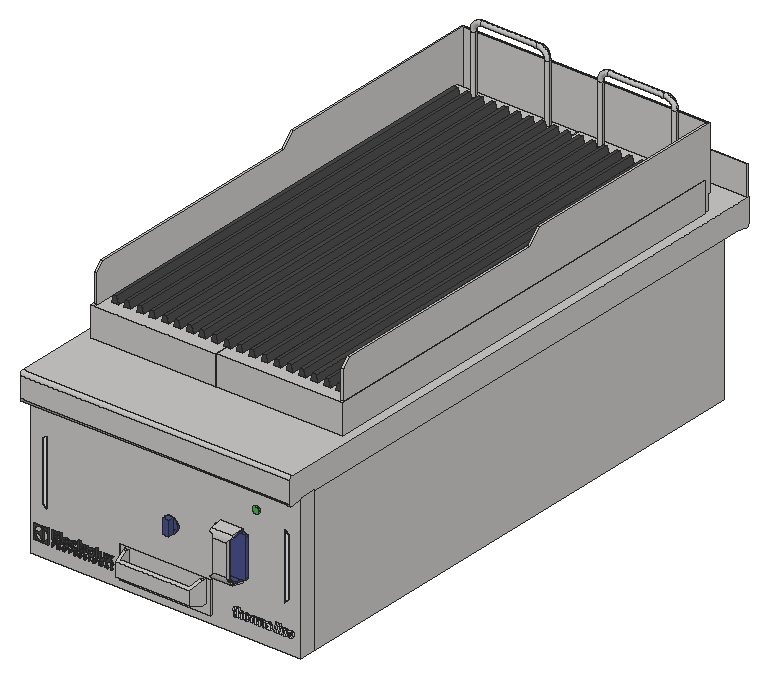
Revit family "QF_ELECTROLUXPROFESSIONAL_588618_MBDABBDOPO", category Attrezzature speciali, Revit 2020
Family settings
  Quota connettore circolare = Usa diametro
  Tipo di parte = Normale
  Basato su piano di lavoro = No
  Sempre verticale = Sì
  Taglio con vuoti quando caricato = No
  Condiviso = No
  Punto di calcolo locali = No
Parameters (values of type "Standard")
  Weight = 60.00 kg
  Watts = 0 W
  Volts = 0 V
  URL Manufacturer = "https://www.electroluxprofessional.com/"
  URL = "https://www.electroluxprofessional.com/"
  Steam Supply Size = 0"
  Steam Supply Minimum Pressure = 0.00 psi
  Steam Supply Maximum Pressure = 0.00 psi
  Steam Consumption per Hour = 0
  Refrigeration Suction Line Size = 0 mm
  Refrigeration Liquid Line Size = 0 mm
  Refrigerant Compressor Remote = yes
  Prospetto di default = 0 mm
  Phase = 0
  Modello = "MBDABBDOPO"
  Produttore = "Electrolux Professional"
  Length Actual = 400 mm  # constant formula
  Item Number = "588618"
  Hot Water Size = 0"
  Height Actual = 250 mm  # constant formula
  HP = "0 HP"
  Gas Size = 1/2"
  Gas KW = 10.5
  Gas Input Pressure = 0.351868 Btu/h
  Direct Waste Size = 0"
  Descrizione = "GAS CHARGRILL,1SIDE,BACKSPL,400X850X250H"
  Depth Actual = 850 mm  # constant formula
  Cycle = 0 Hz
  Condensate Return Size = 0"
  Compressed Air Volume = 0 GPM
  Compressed Air Size = 0"
  Compressed Air Pressure = 0.00 psi
  Cold Water Size = 0"
  Accessory = yes
Reference planes
  plane 1 "BACK": y = 0
  plane 2: z = 0
  plane 3 "LEFT": x = 0
  plane 4 "RIGHT": x = 400
  plane 5 "FRONT": y = -850
  plane 6 "TOP": z = 900
  plane 7 "Center (Left/Right)": x = 200
  plane 8: y = -425
  plane 9: y = -150
  plane 10: y = -65
  plane 11: y = -790
  plane 12 "GASy": y = -540
  plane 13 "Base_Rib": z = 944
  plane 14 "BaseTop": z = 650
  plane 15: y = -805
  plane 16 "Camino": y = -50
  plane 17 "GASx": x = 365
  plane 18: z = 1131
  plane 19 "PlaneRibbed": through (-6096, -65, 890) normal (0, -0.0251, 0.9997)
  plane 20 "U_Profile": y = -73
Forms (mm)
  Extrusion 1, solid, material "QF_Finishes_Stainless Steel"
    sketch origin (-178.969, -4572, 100) x (-1, 0, 0) y (0, -1, 0)
      loop
        line (-178.969, -4527) -> (-178.969, -3767) -> (-578.969, -3767) -> (-578.969, -4527) -> (-178.969, -4527)
    from 550 to 762.969
  Extrusion 2, solid, material "QF_Finishes_Stainless Steel"
    sketch origin (200, 296.4, 1219.2) x (0, 1, 0) y (0, 0, 1)
      loop
        line (-296.4, -319.2) -> (-1141.4, -319.2)
        arc (-1141.4, -319.2) -> (-1144.935, -320.664) -> (-1146.4, -324.2) r 5
        line (-1146.4, -324.2) -> (-1146.4, -355.2)
        arc (-1146.4, -355.2) -> (-1144.971, -358.264) -> (-1141.705, -359.139) r 4
        line (-1141.705, -359.139) -> (-1126.4, -356.231) -> (-316.4, -356.231) -> (-301.094, -359.139)
        arc (-301.094, -359.139) -> (-297.829, -358.264) -> (-296.4, -355.2) r 4
        line (-296.4, -355.2) -> (-296.4, -319.2)
    from -200 to 200
  Extrusion 3, solid, material "QF_Finishes_Stainless Steel"
    sketch origin (200, 296.4, 1219.2) x (0, 1, 0) y (0, 0, 1)
      loop
        line (-296.4, -319.2) -> (-296.4, -275.2) -> (-298.4, -275.2) -> (-298.4, -319.2) -> (-296.4, -319.2)
    from 200 to -200
  Extrusion 4, solid, material "QF_Finishes_Stainless Steel"
    sketch origin (0, 0, 650) x (-1, 0, 0) y (0, -1, 0)
      loop
        circle (-365, 540) r 6.35
    from 0 to -10
  Extrusion 5, solid, material "QF_Finishes_Stainless Steel"
    sketch origin (200, 296.4, 1219.2) x (0, 1, 0) y (0, 0, 1)
      loop
        line (-663.66, -204.2) -> (-681.66, -222.2) -> (-1016.26, -222.2) -> (-1027.4, -233.34) -> (-1027.4, -319.2) -> (-352.4, -319.2) -> (-352.4, -297.2) -> (-347.4, -297.2) -> (-347.4, -204.2) -> (-663.66, -204.2)
    from -181 to -184
  Extrusion 6, solid, material "QF_Finishes_Stainless Steel"
    sketch origin (200, 296.4, 1219.2) x (0, 1, 0) y (0, 0, 1)
      loop
        line (-663.66, -204.2) -> (-681.66, -222.2) -> (-1016.26, -222.2) -> (-1027.4, -233.34) -> (-1027.4, -319.2) -> (-352.4, -319.2) -> (-352.4, -297.2) -> (-347.4, -297.2) -> (-347.4, -204.2) -> (-663.66, -204.2)
    from 184 to 181
  Extrusion 7, solid, material "QF_Finishes_Stainless Steel"
    sketch origin (200, 296.4, 1219.2) x (0, 1, 0) y (0, 0, 1)
      loop
        line (-350.4, -297.2) -> (-347.4, -297.2) -> (-347.4, -204.2) -> (-350.4, -204.2) -> (-350.4, -297.2)
    from -181 to 181
  Sweep 8, solid, material "QF_Finishes_Stainless Steel"
    path origin (185, -73, 0) x (1, 0, 0) y (0, 0, 1)
      loop
        line (-134.5, 944) -> (-134.5, 1030.5)
        arc (-134.5, 1030.5) -> (-130.546, 1040.046) -> (-121, 1044) r 13.5
        line (-121, 1044) -> (-38, 1044)
        arc (-38, 1044) -> (-28.454, 1040.046) -> (-24.5, 1030.5) r 13.5
        line (-24.5, 1030.5) -> (-24.5, 944)
    profile origin (50.5, -73, 987.25) x (-1, 0, 0) y (0, -1, 0)
      loop
        circle (0, 0) r 3.5
  Extrusion 9, solid, material "QF_Finishes_Stainless Steel"
    sketch origin (200, 296.4, 1219.2) x (0, 1, 0) y (0, 0, 1)
      loop
        line (-1032.4, -275.2) -> (-1032.4, -319.2) -> (-360.4, -319.2) -> (-360.4, -275.2) -> (-1032.4, -275.2)
    from -1 to -186.5
  Extrusion 10, solid, material "QF_Finishes_Stainless Steel"
    sketch origin (200, 296.4, 1219.2) x (0, 1, 0) y (0, 0, -1)
      loop
        line (-1032.4, 275.2) -> (-360.4, 275.2) -> (-360.4, 319.2) -> (-1032.4, 319.2) -> (-1032.4, 275.2)
    from -1 to -186.5
  Sweep 11, solid, material "QF_Finishes_Stainless Steel"
    path origin (215, -73, 0) x (-1, 0, 0) y (0, 0, 1)
      loop
        line (-134.5, 944) -> (-134.5, 1030.5)
        arc (-134.5, 1030.5) -> (-130.546, 1040.046) -> (-121, 1044) r 13.5
        line (-121, 1044) -> (-38, 1044)
        arc (-38, 1044) -> (-28.454, 1040.046) -> (-24.5, 1030.5) r 13.5
        line (-24.5, 1030.5) -> (-24.5, 944)
    profile origin (349.5, -73, 987.25) x (-1, 0, 0) y (0, -1, 0)
      loop
        circle (0, 0) r 3.5
Lines and regions (mm)
  symbolic lines
    curve 1: line (0, 0, 100) -> (400, 0, 100)
    curve 2: line (0, -850, 100) -> (0, 0, 100)
    curve 3: line (400, -850, 100) -> (0, -850, 100)
    curve 4: line (400, 0, 100) -> (400, -850, 100)
    curve 5: line (0, -2, 0) -> (400, -2, 0)
    curve 6: line (16, -51, 0) -> (16, -731, 0)
    curve 7: line (19, -731, 0) -> (19, -54, 0)
    curve 8: line (384, -51, 0) -> (16, -51, 0)
    curve 9: line (19, -54, 0) -> (381, -54, 0)
    curve 10: line (384, -731, 0) -> (384, -51, 0)
    curve 11: line (381, -731, 0) -> (384, -731, 0)
    curve 12: line (384, -719.86, 0) -> (381, -719.86, 0)
    curve 13: line (381, -367.26, 0) -> (384, -367.26, 0)
    curve 14: line (381, -385.26, 0) -> (384, -385.26, 0)
    curve 15: line (16, -367.26, 0) -> (19, -367.26, 0)
    curve 16: line (16, -385.26, 0) -> (19, -385.26, 0)
    curve 17: line (16, -731, 0) -> (19, -731, 0)
    curve 18: line (16, -719.86, 0) -> (19, -719.86, 0)
    curve 19: line (201, -736, 0) -> (386.5, -736, 0)
    curve 20: line (13.5, -736, 0) -> (199, -736, 0)
    curve 21: line (386.5, -736, 0) -> (386.5, -64, 0)
    curve 22: line (201, -64, 0) -> (381, -64, 0)
    curve 23: line (28, -64, 0) -> (199, -64, 0)
    curve 24: arc (160.5, -69.5, 0) -> (164, -73, 0) -> (160.5, -76.5, 0) r 3.5
    curve 25: arc (50.5, -69.5, 0) -> (47, -73, 0) -> (50.5, -76.5, 0) r 3.5
    curve 26: line (50.5, -76.5, 0) -> (160.5, -76.5, 0)
    curve 27: line (160.5, -69.5, 0) -> (50.5, -69.5, 0)
    curve 28: line (13.5, -64, 0) -> (13.5, -736, 0)
    curve 29: arc (239.5, -69.5, 0) -> (236, -73, 0) -> (239.5, -76.5, 0) r 3.5
    curve 30: arc (349.5, -69.5, 0) -> (353, -73, 0) -> (349.5, -76.5, 0) r 3.5
    curve 31: line (349.5, -76.5, 0) -> (239.5, -76.5, 0)
    curve 32: line (239.5, -69.5, 0) -> (349.5, -69.5, 0)
    curve 33: line (386.5, -64, 0) -> (386.5, -736, 0)
    curve 34: line (381, -731, 0) -> (381, -51, 0)
    curve 35: line (386.5, -64, 0) -> (384, -64, 0)
Dimensions and locks
  plane 3 "LEFT" to plane 4 "RIGHT" = 400 mm
  locked: plane 5 "FRONT" to plane 1 "BACK" at 850
  plane 3 "LEFT" to plane 7 "Center (Left/Right)" to plane 4 "RIGHT" = 200 mm, 200 mm
  equal spacing: plane 5 "FRONT", plane 8, plane 1 "BACK"
  plane 6 "TOP" to level = 900 mm  (x2)
  plane 1 "BACK" to plane 9 = 150 mm
  plane 12 "GASy" to plane 1 "BACK" = 540 mm
  plane 13 "Base_Rib" to plane 6 "TOP" = 44 mm
  plane 10 to plane 1 "BACK" = 65 mm
  plane 5 "FRONT" to plane 11 = 60 mm
  locked: plane 6 "TOP" to plane 14 "BaseTop" at 250
  locked: plane 15 to plane 5 "FRONT" at 45
  plane 16 "Camino" to plane 1 "BACK" = 50 mm
  plane 17 "GASx" to plane 4 "RIGHT" = 35 mm
  plane 18 to plane 6 "TOP" = 231 mm
  aligned and locked: level to plane 2
  aligned and locked: nested 1 to plane 15
  aligned and locked: Extrusion 1 to plane 15
  aligned and locked: Extrusion 3 to plane 3 "LEFT"
  aligned and locked: Extrusion 3 to plane 4 "RIGHT"
  aligned and locked: plane 3 "LEFT" to nested 1
  aligned and locked: Extrusion 2 to plane 3 "LEFT"
  aligned and locked: Extrusion 2 to plane 4 "RIGHT"
Automatic sketch dimensions
  Extrusion 2 sketch curve to plane 5 "FRONT" = 0 mm
  Extrusion 2 sketch curve to plane 6 "TOP" = 0 mm
  Extrusion 2 sketch curve to plane 1 "BACK" = 0 mm
  Extrusion 2 sketch curve to Extrusion 2 sketch curve = 4 mm
  Extrusion 2 sketch curve to Extrusion 2 sketch curve = 0.695 mm
  Extrusion 2 sketch curve to plane 5 "FRONT" = 5 mm
  Extrusion 2 sketch curve to Extrusion 2 sketch curve = 15.305 mm
  plane 1 "BACK" to Extrusion 2 sketch curve = 20 mm
  plane 1 "BACK" to Extrusion 2 sketch curve = 4.695 mm
  plane 1 "BACK" to Extrusion 2 sketch curve = 4 mm
  Extrusion 2 sketch curve to Extrusion 2 sketch curve = 31 mm
  Extrusion 2 sketch curve to Extrusion 2 sketch curve = 36 mm
  Extrusion 2 sketch curve to Extrusion 2 sketch curve = 2.909 mm
  Extrusion 3 sketch curve to plane 6 "TOP" = 0 mm
  Extrusion 3 sketch curve to plane 13 "Base_Rib" = 0 mm
  Extrusion 3 sketch curve to plane 1 "BACK" = 0 mm
  plane 1 "BACK" to Extrusion 3 sketch curve = 2 mm
  Extrusion 4 sketch curve to plane 12 "GASy" = 0 mm
  Extrusion 4 sketch curve to plane 17 "GASx" = 0 mm
  Extrusion 5 sketch curve to plane 6 "TOP" = 0 mm
  Extrusion 5 sketch curve to plane 11 = 59 mm
  Extrusion 5 sketch curve to Extrusion 5 sketch curve = 11.14 mm
  plane 8 to Extrusion 5 sketch curve = 39.74 mm
  Extrusion 5 sketch curve to Extrusion 5 sketch curve = 18 mm
  plane 16 "Camino" to Extrusion 5 sketch curve = 6 mm
  plane 16 "Camino" to Extrusion 5 sketch curve = 1 mm
  Extrusion 5 sketch curve to Extrusion 5 sketch curve = 22 mm
  plane 13 "Base_Rib" to Extrusion 5 sketch curve = 41.86 mm
  plane 13 "Base_Rib" to Extrusion 5 sketch curve = 53 mm
  plane 13 "Base_Rib" to Extrusion 5 sketch curve = 71 mm
  Extrusion 6 sketch curve to plane 6 "TOP" = 0 mm
  Extrusion 6 sketch curve to plane 11 = 59 mm
  Extrusion 6 sketch curve to Extrusion 6 sketch curve = 11.14 mm
  plane 8 to Extrusion 6 sketch curve = 39.74 mm
  Extrusion 6 sketch curve to Extrusion 6 sketch curve = 18 mm
  plane 16 "Camino" to Extrusion 6 sketch curve = 6 mm
  plane 16 "Camino" to Extrusion 6 sketch curve = 1 mm
  Extrusion 6 sketch curve to Extrusion 6 sketch curve = 22 mm
  plane 13 "Base_Rib" to Extrusion 6 sketch curve = 41.86 mm
  plane 13 "Base_Rib" to Extrusion 6 sketch curve = 53 mm
  plane 13 "Base_Rib" to Extrusion 6 sketch curve = 71 mm
  plane 16 "Camino" to Extrusion 7 sketch curve = 4 mm
  plane 16 "Camino" to Extrusion 7 sketch curve = 1 mm
  plane 6 "TOP" to Extrusion 7 sketch curve = 22 mm
  plane 13 "Base_Rib" to Extrusion 7 sketch curve = 71 mm
  Extrusion 9 sketch curve to plane 13 "Base_Rib" = 0 mm
  plane 6 "TOP" to Extrusion 9 sketch curve = 0 mm
  Extrusion 9 sketch curve to plane 11 = 54 mm
  Extrusion 9 sketch curve to plane 10 = 1 mm
  plane 13 "Base_Rib" to Extrusion 10 sketch curve = 0 mm
  plane 6 "TOP" to Extrusion 10 sketch curve = 0 mm
  Extrusion 10 sketch curve to plane 11 = 54 mm
  Extrusion 10 sketch curve to plane 10 = 1 mm
  Extrusion 1 sketch curve to plane 4 "RIGHT" = 0 mm
  Extrusion 1 sketch curve to plane 3 "LEFT" = 0 mm
  Extrusion 1 sketch curve to plane 15 = 0 mm
  Extrusion 1 sketch curve to plane 16 "Camino" = 5 mm
  plane 1 "BACK" to curve 1 = 0 mm
  curve 1 to plane 4 "RIGHT" = 0 mm
  curve 3 to plane 3 "LEFT" = 0 mm
  plane 5 "FRONT" to curve 3 = 0 mm
  Sweep 8 sketch curve to plane 13 "Base_Rib" = 0 mm  (x2)
  plane 3 "LEFT" to Sweep 8 sketch curve = 50.5 mm
  Sweep 8 sketch curve to Sweep 8 sketch curve = 13.5 mm  (x2)
  Sweep 8 sketch curve to plane 7 "Center (Left/Right)" = 53 mm
  plane 13 "Base_Rib" to Sweep 8 sketch curve = 86.5 mm
  plane 20 "U_Profile" to Sweep 8 sketch curve = 0 mm
  Sweep 8 sketch curve to profile plane = 0 mm
  Sweep 11 sketch curve to plane 13 "Base_Rib" = 0 mm  (x2)
  plane 17 "GASx" to Sweep 11 sketch curve = 15.5 mm
  Sweep 11 sketch curve to Sweep 11 sketch curve = 13.5 mm  (x2)
  Sweep 11 sketch curve to plane 7 "Center (Left/Right)" = 53 mm
  Sweep 11 sketch curve to plane 13 "Base_Rib" = 86.5 mm
  plane 20 "U_Profile" to Sweep 11 sketch curve = 0 mm
  Sweep 11 sketch curve to profile plane = 0 mm
  curve 5 to plane 3 "LEFT" = 0 mm
  plane 20 "U_Profile" to curve 25 = 0 mm
  plane 20 "U_Profile" to curve 29 = 0 mm
  curve 5 to plane 4 "RIGHT" = 0 mm
  plane 3 "LEFT" to curve 28 = 13.5 mm
  plane 16 "Camino" to curve 8 = 1 mm
  curve 28 to curve 8 = 2.5 mm
  curve 6 to curve 17 = 3 mm
  curve 27 to plane 20 "U_Profile" = 3.5 mm
  curve 7 to curve 27 = 31.5 mm
  curve 27 to plane 7 "Center (Left/Right)" = 39.5 mm
  curve 32 to plane 20 "U_Profile" = 3.5 mm
  plane 7 "Center (Left/Right)" to curve 32 = 39.5 mm
  curve 31 to plane 17 "GASx" = 15.5 mm
  plane 17 "GASx" to curve 11 = 16 mm
  curve 34 to curve 8 = 3 mm
  curve 19 to plane 11 = 54 mm
  curve 20 to plane 11 = 54 mm
  curve 20 to curve 7 = 5 mm
  curve 19 to curve 10 = 5 mm
  plane 16 "Camino" to curve 9 = 4 mm
  curve 23 to plane 10 = 1 mm
  curve 7 to curve 23 = 9 mm
  curve 23 to plane 7 "Center (Left/Right)" = 1 mm
  curve 20 to plane 7 "Center (Left/Right)" = 1 mm
  plane 7 "Center (Left/Right)" to curve 19 = 1 mm
  plane 7 "Center (Left/Right)" to curve 22 = 1 mm
  curve 35 to plane 10 = 1 mm
  curve 35 to curve 21 = 2.5 mm
  curve 6 to curve 18 = 11.14 mm
  curve 11 to curve 12 = 11.14 mm
  plane 8 to curve 14 = 39.74 mm
  plane 8 to curve 16 = 39.74 mm
  curve 16 to curve 15 = 18 mm
  curve 14 to curve 13 = 18 mm
  curve 28 to plane 10 = 1 mm
  curve 22 to plane 10 = 1 mm
  plane 1 "BACK" to curve 5 = 2 mm
  radius of Extrusion 4 sketch curve = 6.35 mm
  radius of Sweep 8 sketch curve = 3.5 mm
  radius of Sweep 11 sketch curve = 3.5 mm
Nested families
  nested 1: "Front_Panel_W400_2 Knobs_2Spie_Manop_Simm" at (202.376, -805, 0), type "Front_Panel_W400_2 Knobs_2Spie_Manop_Simm"
  nested 2: "Rib_TRAP10x10" at (33.5, -411.07, 944) x (-1, 0, 0) z (0, 0, 1), type "Rib_TRAP10x10"
    with Show Clearance yes, Lenght 632 mm
  nested 3: "Rib_TRAP10x10" at (52, -411.07, 944) x (-1, 0, 0) z (0, 0, 1), type "Rib_TRAP10x10"
    with Show Clearance yes, Lenght 632 mm
  nested 4: "Rib_TRAP10x10" at (70.5, -411.07, 944) x (-1, 0, 0) z (0, 0, 1), type "Rib_TRAP10x10"
    with Show Clearance yes, Lenght 632 mm
  nested 5: "Rib_TRAP10x10" at (89, -411.07, 944) x (-1, 0, 0) z (0, 0, 1), type "Rib_TRAP10x10"
    with Show Clearance yes, Lenght 632 mm
  nested 6: "Rib_TRAP10x10" at (107.5, -411.07, 944) x (-1, 0, 0) z (0, 0, 1), type "Rib_TRAP10x10"
    with Show Clearance yes, Lenght 632 mm
  nested 7: "Rib_TRAP10x10" at (126, -411.07, 944) x (-1, 0, 0) z (0, 0, 1), type "Rib_TRAP10x10"
    with Show Clearance yes, Lenght 632 mm
  nested 8: "Rib_TRAP10x10" at (144.5, -411.07, 944) x (-1, 0, 0) z (0, 0, 1), type "Rib_TRAP10x10"
    with Show Clearance yes, Lenght 632 mm
  nested 9: "Rib_TRAP10x10" at (163, -411.07, 944) x (-1, 0, 0) z (0, 0, 1), type "Rib_TRAP10x10"
    with Show Clearance yes, Lenght 632 mm
  nested 10: "Rib_TRAP10x10" at (181.5, -411.07, 944) x (-1, 0, 0) z (0, 0, 1), type "Rib_TRAP10x10"
    with Show Clearance yes, Lenght 632 mm
  nested 11: "Rib_TRAP10x10" at (200, -411.07, 944) x (-1, 0, 0) z (0, 0, 1), type "Rib_TRAP10x10"
    with Show Clearance yes, Lenght 632 mm
  nested 12: "Rib_TRAP10x10" at (218.5, -411.07, 944) x (-1, 0, 0) z (0, 0, 1), type "Rib_TRAP10x10"
    with Show Clearance yes, Lenght 632 mm
  nested 13: "Rib_TRAP10x10" at (237, -411.07, 944) x (-1, 0, 0) z (0, 0, 1), type "Rib_TRAP10x10"
    with Show Clearance yes, Lenght 632 mm
  nested 14: "Rib_TRAP10x10" at (255.5, -411.07, 944) x (-1, 0, 0) z (0, 0, 1), type "Rib_TRAP10x10"
    with Show Clearance yes, Lenght 632 mm
  nested 15: "Rib_TRAP10x10" at (274, -411.07, 944) x (-1, 0, 0) z (0, 0, 1), type "Rib_TRAP10x10"
    with Show Clearance yes, Lenght 632 mm
  nested 16: "Rib_TRAP10x10" at (292.5, -411.07, 944) x (-1, 0, 0) z (0, 0, 1), type "Rib_TRAP10x10"
    with Show Clearance yes, Lenght 632 mm
  nested 17: "Rib_TRAP10x10" at (311, -411.07, 944) x (-1, 0, 0) z (0, 0, 1), type "Rib_TRAP10x10"
    with Show Clearance yes, Lenght 632 mm
  nested 18: "Rib_TRAP10x10" at (329.5, -411.07, 944) x (-1, 0, 0) z (0, 0, 1), type "Rib_TRAP10x10"
    with Show Clearance yes, Lenght 632 mm
  nested 19: "Rib_TRAP10x10" at (348, -411.07, 944) x (-1, 0, 0) z (0, 0, 1), type "Rib_TRAP10x10"
    with Show Clearance yes, Lenght 632 mm
  nested 20: "Rib_TRAP10x10" at (366.5, -411.07, 944) x (-1, 0, 0) z (0, 0, 1), type "Rib_TRAP10x10"
    with Show Clearance yes, Lenght 632 mm
Connectors
  piping at (365, -540, 640), diameter 12.7
    settings: on Extrusion 4, index 2, connector inside diameter 24", connector length 0 mm, flow factor 0, pipe flow 0 GPM, pressure drop 0.00 psi, fitting loss kfactor 0, connector angle 0.00°, fixture units 0, engagement length 0 mm, angle of deflection 0.00°, flow configuration 1, flow direction 1, fitting loss method 0, system type 7, joint type 0, gender type 0, connector reference index -1, connector utility 0, adjustable connector no, is connector primary yes, connector description "Gas connection"
Definition of nested family "Front_Panel_W400_2 Knobs_2Spie_Manop_Simm"
  Parameters
    Default Elevation = 0 mm
  Reference planes
    plane 1 "Center (Front/Back)": y = 0
    plane 2: z = 0
    plane 3 "Right": x = 197.624
    plane 4 "Left": x = -202.376
    plane 5: y = -45
    plane 6: x = 97.624
    plane 7 "Panel": y = -25
    plane 8: x = -184.376
    plane 9: x = 57.473
    plane 10: x = -62.167
    plane 11 "Center (Left/Right)": x = -2.376
    plane 12: x = 179.624
  Forms (mm)
    Extrusion 1, solid
      sketch origin (833.217, 829.203, -1.25) x (0, 1, 0) y (0, 0, 1)
        loop
          line (-854.203, 651.25) -> (-829.203, 651.25) -> (-829.203, 864.25) -> (-854.203, 864.25) -> (-854.203, 651.25)
      from -1035.593 to -635.593
    Extrusion 2, void
      sketch origin (-90, -25, -10) x (0, 0, 1) y (-1, 0, 0)
        loop
          line (731.866, 94.376) -> (726.866, 89.376) -> (823.866, 89.376) -> (818.866, 94.376) -> (731.866, 94.376)
        loop
          line (731.866, -269.624) -> (818.866, -269.624) -> (823.866, -264.624) -> (726.866, -264.624) -> (731.866, -269.624)
      from 0 to -2
    Extrusion 3, solid
      sketch origin (125, -25, 1.163) x (0, 0, 1) y (-1, 0, 0)
        loop
          circle (824.337, -7.624) r 5
      from 0 to 1.7
    Extrusion 4, solid
      sketch origin (-90, -25, -10) x (0, 0, 1) y (-1, 0, 0)
        loop
          line (731.866, 94.376) -> (726.866, 89.376) -> (823.866, 89.376) -> (818.866, 94.376) -> (731.866, 94.376)
        loop
          line (731.866, -269.624) -> (818.866, -269.624) -> (823.866, -264.624) -> (726.866, -264.624) -> (731.866, -269.624)
      from 0 to -2
    Extrusion 5, solid
      sketch origin (-65, -25, 0) x (0, 0, 1) y (-1, 0, 0)
        loop
          circle (761.978, -71.018) r 11.5
      from 1.492 to 2.716
    Extrusion 6, solid
      sketch origin (-65, -25, 0) x (0, 0, 1) y (-1, 0, 0)
        loop
          circle (761.978, -71.018) r 8.098
      from 0 to 1.492
    Extrusion 7, solid
      sketch origin (-65, -25, 0) x (0, 0, 1) y (-1, 0, 0)
        loop
          arc (772.561, -75.518) -> (773.478, -71.018) -> (772.561, -66.518) r 11.5
          line (772.561, -66.518) -> (751.395, -66.518)
          arc (751.395, -66.518) -> (750.478, -71.018) -> (751.395, -75.518) r 11.5
          line (751.395, -75.518) -> (772.561, -75.518)
      from 1.492 to 10
    Extrusion 8, solid
      sketch origin (-19.971, -25, 0) x (0, 0, 1) y (-1, 0, 0)
        loop
          line (708.5, 50.376) -> (661.5, 50.376) -> (661.5, -85.567) -> (708.5, -85.567) -> (708.5, 50.376)
      from -2 to 1
    Extrusion 9, solid
      sketch origin (-159.792, 0, 0.939) x (1, 0, 0) y (0, 1, 0)
        loop
          line (103.029, -26.6) -> (97.935, -26.6) -> (102.304, -49.075) -> (212.585, -49.075) -> (217.265, -25) -> (212.171, -25) -> (208.463, -44.075) -> (106.426, -44.075) -> (103.029, -26.6)
      from 672.593 to 705.67
    Extrusion 10, void
      sketch origin (-12.167, 0, 0.939) x (0, 1, 0) y (0, 0, 1)
        loop
          line (-30, 705.67) -> (-30, 710.67) -> (-56.744, 710.67) -> (-56.744, 667.593) -> (-30, 667.593) -> (-30, 672.593) -> (-53.776, 680.318) -> (-53.776, 697.945) -> (-30, 705.67)
      from -50 to 69.64
    Extrusion 11, void
      sketch origin (0, -25, 0) x (0, 0, 1) y (-1, 0, 0)
        loop
          line (708.5, 70.347) -> (661.5, 70.347) -> (661.5, -65.596) -> (708.5, -65.596) -> (708.5, 70.347)
      from 0 to -2
  Cuts and joins
    Extrusion 2, Extrusion 11 cuts Extrusion 1
    joined: Extrusion 5, Extrusion 7
    Extrusion 10 cuts Extrusion 9
  Dimensions and locks
    plane 3 "Right" to plane 4 "Left" = 400 mm
    plane 3 "Right" to plane 6 = 100 mm
    equal spacing: plane 3 "Right", plane 11 "Center (Left/Right)", plane 4 "Left"
    aligned and locked: cut or joined group of Extrusion 1, Extrusion 2, Extrusion 11 to plane 4 "Left"
    aligned and locked: plane 3 "Right" to cut or joined group of Extrusion 1, Extrusion 2, Extrusion 11
  Automatic sketch dimensions
    Extrusion 1 sketch curve to plane 7 "Panel" = 0 mm
    Extrusion 1 sketch curve to plane 1 "Center (Front/Back)" = 0 mm
    level to Extrusion 1 sketch curve = 650 mm
    Extrusion 1 sketch curve to Extrusion 1 sketch curve = 213 mm
    level to Extrusion 2 sketch curve = 716.866 mm
    plane 8 to Extrusion 2 sketch curve = 5 mm
    Extrusion 2 sketch curve to Extrusion 2 sketch curve = 0 mm
    plane 8 to Extrusion 2 sketch curve = 0 mm
    Extrusion 2 sketch curve to Extrusion 2 sketch curve = 5 mm  (x5)
    Extrusion 2 sketch curve to Extrusion 2 sketch curve = 87 mm  (x2)
    Extrusion 3 sketch curve to plane 3 "Right" = 65 mm
    level to Extrusion 3 sketch curve = 825.5 mm
    Extrusion 5 sketch curve to plane 9 = 51.455 mm
    level to Extrusion 5 sketch curve = 761.978 mm
    Extrusion 6 sketch curve to plane 9 = 51.455 mm
    level to Extrusion 6 sketch curve = 761.978 mm
    Extrusion 7 sketch curve to Extrusion 7 sketch curve = 0 mm  (x3)
    Extrusion 7 sketch curve to plane 9 = 55.955 mm
    level to Extrusion 7 sketch curve = 751.395 mm
    Extrusion 7 sketch curve to plane 9 = 46.955 mm
    Extrusion 7 sketch curve to Extrusion 7 sketch curve = 10.583 mm  (x2)
    Extrusion 8 sketch curve to plane 10 = 8.18 mm
    level to Extrusion 8 sketch curve = 661.5 mm
    plane 9 to Extrusion 8 sketch curve = 8.122 mm
    Extrusion 8 sketch curve to Extrusion 8 sketch curve = 47 mm
    plane 7 "Panel" to Extrusion 9 sketch curve = 0 mm
    Extrusion 9 sketch curve to plane 9 = 0 mm
    Extrusion 9 sketch curve to plane 9 = 4.68 mm
    Extrusion 9 sketch curve to plane 9 = 5.094 mm
    Extrusion 9 sketch curve to plane 5 = 0.925 mm
    Extrusion 9 sketch curve to Extrusion 9 sketch curve = 4.122 mm
    plane 10 to Extrusion 9 sketch curve = 8.801 mm
    plane 7 "Panel" to Extrusion 9 sketch curve = 1.6 mm
    plane 10 to Extrusion 9 sketch curve = 5.405 mm
    plane 10 to Extrusion 9 sketch curve = 4.68 mm
    plane 10 to Extrusion 9 sketch curve = 0.311 mm
    plane 5 to Extrusion 9 sketch curve = 4.075 mm
    plane 5 to Extrusion 10 sketch curve = 11.744 mm
    plane 5 to Extrusion 10 sketch curve = 8.776 mm
    plane 7 "Panel" to Extrusion 10 sketch curve = 5 mm  (x2)
    level to Extrusion 10 sketch curve = 668.531 mm
    Extrusion 10 sketch curve to Extrusion 10 sketch curve = 5 mm
    Extrusion 10 sketch curve to Extrusion 10 sketch curve = 12.725 mm  (x2)
    Extrusion 10 sketch curve to Extrusion 10 sketch curve = 17.627 mm
    Extrusion 10 sketch curve to Extrusion 10 sketch curve = 7.725 mm
    Extrusion 11 sketch curve to plane 10 = 8.18 mm
    level to Extrusion 11 sketch curve = 661.5 mm
    plane 9 to Extrusion 11 sketch curve = 8.122 mm
    Extrusion 11 sketch curve to Extrusion 11 sketch curve = 47 mm
    Extrusion 2 sketch curve to plane 3 "Right" = 23 mm
    Extrusion 4 sketch curve to plane 8 = 0 mm
    Extrusion 4 sketch curve to plane 3 "Right" = 23 mm
    level to Extrusion 4 sketch curve = 716.866 mm
    plane 8 to Extrusion 4 sketch curve = 5 mm
    Extrusion 4 sketch curve to Extrusion 4 sketch curve = 0 mm
    Extrusion 4 sketch curve to Extrusion 4 sketch curve = 5 mm  (x4)
    Extrusion 4 sketch curve to plane 3 "Right" = 18 mm
    Extrusion 4 sketch curve to Extrusion 4 sketch curve = 87 mm  (x2)
    radius of Extrusion 3 sketch curve = 5 mm
    radius of Extrusion 5 sketch curve = 11.5 mm
    radius of Extrusion 6 sketch curve = 8.098 mm
  Nested families
    nested 1: "Range Control Handle" at (97.624, -28.137, -209.113) x (-1, 0, 0) z (0, 0, 1), type "Range Control Handle"
    nested 2: "ELX_ThermaLine_Small" at (138.901, -25, 679.426) x (1, 0, 0) z (0, -1, 0), type "ELX_ThermaLine_Small"
      with Show Logo yes, Material_Logo none
    nested 3: "ELX_Professional_Logo_Small" at (-137.89, -25, 681.659) x (1, 0, 0) z (0, -1, 0), type "ELX_Professional_Logo_Small"
      with Show Logo yes, Material_Logo none
  Definition of nested family "Range Control Handle"
    Parameters
      Default Elevation = 0 mm
    Reference planes
      plane 1 "Center (Front/Back)": y = 0
      plane 2: z = 0
      plane 3 "Center (Left/Right)": x = 0
      plane 4: z = 971.092
      plane 5: y = -16.9
    Forms (mm)
      Extrusion 1, solid
        sketch origin (-746.28, 380.497, 208.931) x (-1, 0, 0) y (0, 0, 1)
          loop
            line (-770.101, 786.798) -> (-770.101, 731.649)
            arc (-770.101, 731.649) -> (-769.759, 730.563) -> (-768.855, 729.87) r 1.893
            line (-768.855, 729.87) -> (-763.474, 727.911) -> (-729.81, 727.911) -> (-724.428, 729.87)
            arc (-724.428, 729.87) -> (-723.525, 730.563) -> (-723.183, 731.649) r 1.893
            line (-723.183, 731.649) -> (-723.183, 786.798)
            arc (-723.183, 786.798) -> (-723.529, 787.894) -> (-724.44, 788.593) r 1.91
            line (-724.44, 788.593) -> (-729.683, 790.819) -> (-763.601, 790.819) -> (-768.844, 788.593)
            arc (-768.844, 788.593) -> (-769.755, 787.894) -> (-770.101, 786.798) r 1.91
        from -382.35 to -378.852
      Sweep 2, solid
        path origin (-746.788, 380.496, 208.091) x (0, -1, 0) y (0, 0, 1)
          loop
            line (379.775, 793.281) -> (395.661, 791.048)
            arc (395.661, 791.048) -> (397.781, 787.377) -> (398.517, 783.202) r 12.207
            line (398.517, 783.202) -> (398.517, 737.368)
            arc (398.517, 737.368) -> (397.781, 733.193) -> (395.661, 729.522) r 12.207
            line (395.661, 729.522) -> (379.775, 727.289)
        profile origin (-746.788, -7.222, 1000.256) x (0, -0.139173, 0.990268) y (-1, 0, 0)
          loop
            line (0.782, -763.123) -> (0.782, -730.907) -> (-1.322, -730.907) -> (-1.322, -763.123) -> (0.782, -763.123)
      Sweep 3, solid
        path origin (-746.788, 380.715, 207.832) x (0, -1, 0) y (0, 0, 1)
          loop
            line (380.478, 795.442) -> (397.218, 793.09)
            arc (397.218, 793.09) -> (399.929, 788.473) -> (400.871, 783.202) r 15.207
            line (400.871, 783.202) -> (400.871, 737.584)
            arc (400.871, 737.584) -> (399.914, 732.274) -> (397.164, 727.633) r 15.207
            line (397.164, 727.633) -> (380.601, 725.305)
        profile origin (-746.788, -8.132, 1002.099) x (0, -0.139173, 0.990268) y (-1, 0, 0)
          loop
            line (0.782, -763.123) -> (0.782, -730.907) -> (-1.322, -730.907) -> (-1.322, -763.123) -> (0.782, -763.123)
      Extrusion 4, void
        sketch origin (889.253, 220.666, 207.993) x (1, 0, 0) y (0, 0, 1)
          loop
            line (-943.038, 816.854) -> (-943.038, 703.686) -> (-899.466, 734.196) -> (-899.466, 786.344) -> (-943.038, 816.854)
        from 230.636 to 242.25
      Extrusion 5, void
        sketch origin (-888.8, 220.666, 207.993) x (-1, 0, 0) y (0, 0, -1)
          loop
            line (-943.038, -816.854) -> (-899.466, -786.344) -> (-899.466, -734.196) -> (-943.038, -703.686) -> (-943.038, -816.854)
        from 230.636 to 242.25
      Extrusion 6, solid
        sketch origin (0, 0, 0) x (1, 0, 0) y (0, 0, 1)
          loop
            circle (0, 971.092) r 7.736
        from -3.137 to -1.645
    Cuts and joins
      Extrusion 4, Extrusion 5 cuts Sweep 3
      Extrusion 4, Extrusion 5 cuts Sweep 2
      joined: Extrusion 1, Extrusion 6
    Lines and regions (mm)
      symbolic lines
        curve 1: line (16.334, -16.9, 0) -> (16.334, -19.227, 0)
        curve 2: spline (16.334, -19.227, 0) -> (15.87, -19.385, 0) -> (15.404, -19.536, 0) -> (14.936, -19.678, 0) -> (14.466, -19.813, 0) -> (13.995, -19.94, 0) -> (13.523, -20.059, 0) -> (13.049, -20.171, 0) -> (12.575, -20.274, 0) -> (12.099, -20.37, 0) -> (11.622, -20.458, 0) -> (11.144, -20.537, 0) -> (10.666, -20.609, 0)
        curve 3: line (10.666, -16.9, 0) -> (10.666, -20.938, 0)
        curve 4: line (-10.213, -20.938, 0) -> (10.666, -20.938, 0)
        curve 5: line (-10.213, -20.938, 0) -> (-10.213, -16.9, 0)
        curve 6: spline (-10.213, -20.609, 0) -> (-10.691, -20.537, 0) -> (-11.169, -20.458, 0) -> (-11.646, -20.37, 0) -> (-12.122, -20.274, 0) -> (-12.597, -20.171, 0) -> (-13.07, -20.059, 0) -> (-13.542, -19.94, 0) -> (-14.013, -19.813, 0) -> (-14.483, -19.678, 0) -> (-14.951, -19.536, 0) -> (-15.417, -19.385, 0) -> (-15.881, -19.227, 0)
        curve 7: line (-15.881, -19.227, 0) -> (-15.881, -16.9, 0)
  Definition of nested family "ELX_ThermaLine_Small"
    Parameters
      Show Logo [instance] = yes
      Material_Logo [instance] = none
      Default Elevation = 0 mm
    Reference planes
      plane 1 "Centro (Fronte/Retro)": y = 0
      plane 2: z = 0
      plane 3 "Centro (Sinistra/Destra)": x = 0
    Forms (mm)
      Extrusion 1, solid
        sketch origin (0, 0, 0) x (1, 0, 0) y (0, 1, 0)
          loop
            line (-1219.2, 1219.2) -> (-1219.2, -1219.2) -> (1219.2, -1219.2) -> (1219.2, 1219.2) -> (-1219.2, 1219.2)
        from 0 to -304.8
      Extrusion 2, solid
        sketch origin (0, 0, 0) x (1, 0, 0) y (0, 1, 0)
          loop
            line (-37.494, 1.229) -> (-35.908, 1.229) -> (-35.908, 3.066) -> (-37.494, 3.066) -> (-37.494, 6.221) -> (-39.867, 4.881) -> (-39.867, 3.066) -> (-40.969, 3.066) -> (-40.969, 1.229) -> (-39.867, 1.229) -> (-39.867, -3.407)
            arc (-39.867, -3.407) -> (-38.982, -5.513) -> (-36.751, -6.001) r 2.478
            line (-36.751, -6.001) -> (-35.638, -5.7) -> (-35.9, -3.835) -> (-36.661, -4.039)
            arc (-36.661, -4.039) -> (-37.236, -3.924) -> (-37.494, -3.399) r 0.662
            line (-37.494, -3.399) -> (-37.494, 1.229)
          loop
            line (-34.242, 6.539) -> (-34.242, -5.848) -> (-31.854, -5.848) -> (-31.854, -0.078)
            arc (-31.854, -0.078) -> (-30.939, 1.249) -> (-29.33, 1.367) r 1.866
            arc (-29.33, 1.367) -> (-28.695, 0.768) -> (-28.461, -0.073) r 1.627
            line (-28.461, -0.073) -> (-28.461, -5.848) -> (-26.086, -5.848) -> (-26.064, -0.46)
            arc (-26.064, -0.46) -> (-26.261, 0.932) -> (-26.786, 2.237) r 5.825
            arc (-26.786, 2.237) -> (-29.381, 3.264) -> (-31.854, 1.971) r 3.353
            line (-31.854, 1.971) -> (-31.854, 6.539) -> (-34.242, 6.539)
          loop
            arc (-18.398, -0.598) -> (-18.893, 0.879) -> (-20.326, 1.487) r 1.897
            arc (-20.326, 1.487) -> (-21.461, 0.708) -> (-21.897, -0.598) r 2.164
            line (-21.897, -0.598) -> (-18.398, -0.598)
          loop
            arc (-16.021, -2.044) -> (-16.754, 1.227) -> (-19.444, 3.226) r 4.814
            arc (-19.444, 3.226) -> (-22.137, 2.788) -> (-23.943, 0.743) r 4.054
            arc (-23.943, 0.743) -> (-24.382, -1.249) -> (-24.162, -3.276) r 6.289
            arc (-24.162, -3.276) -> (-23.302, -4.71) -> (-21.958, -5.705) r 4.28
            arc (-21.958, -5.705) -> (-18.558, -5.814) -> (-16.152, -3.409) r 4.28
            line (-16.152, -3.409) -> (-18.5, -2.995)
            arc (-18.5, -2.995) -> (-19.273, -3.994) -> (-20.533, -4.076) r 1.536
            arc (-20.533, -4.076) -> (-21.56, -3.281) -> (-21.958, -2.044) r 2.197
            line (-21.958, -2.044) -> (-16.021, -2.044)
          loop
            line (-14.165, -5.848) -> (-11.819, -5.848) -> (-11.819, -2.138)
            arc (-11.819, -2.138) -> (-11.787, -1.156) -> (-11.637, -0.185) r 8.18
            arc (-11.637, -0.185) -> (-10.644, 0.972) -> (-9.132, 0.776) r 1.603
            line (-9.132, 0.776) -> (-8.419, 2.846)
            arc (-8.419, 2.846) -> (-10.432, 3.118) -> (-11.994, 1.821) r 2.527
            line (-11.994, 1.821) -> (-11.994, 3.094) -> (-14.165, 3.094) -> (-14.165, -5.848)
          loop
            line (-7.579, 3.094) -> (-7.579, -5.848) -> (-5.178, -5.848) -> (-5.178, -0.756)
            arc (-5.178, -0.756) -> (-4.727, 0.679) -> (-3.417, 1.419) r 2.05
            arc (-3.417, 1.419) -> (-2.499, 0.908) -> (-2.155, -0.085) r 1.471
            line (-2.155, -0.085) -> (-2.155, -5.848) -> (0.23, -5.848) -> (0.23, -1.001)
            arc (0.23, -1.001) -> (0.47, 0.127) -> (1.148, 1.061) r 2.775
            arc (1.148, 1.061) -> (2.225, 1.329) -> (3.05, 0.587) r 1.182
            arc (3.05, 0.587) -> (3.199, -0.019) -> (3.214, -0.642) r 2.894
            line (3.214, -0.642) -> (3.214, -5.848) -> (5.601, -5.848) -> (5.601, 0.261)
            arc (5.601, 0.261) -> (4.87, 2.263) -> (2.976, 3.241) r 2.932
            arc (2.976, 3.241) -> (1.284, 2.973) -> (-0.047, 1.896) r 3.309
            arc (-0.047, 1.896) -> (-1.116, 2.865) -> (-2.506, 3.258) r 3.16
            arc (-2.506, 3.258) -> (-4.105, 2.942) -> (-5.376, 1.92) r 3.419
            line (-5.376, 1.92) -> (-5.376, 3.094) -> (-7.579, 3.094)
          loop
            line (7.583, 0.738) -> (9.702, 0.364)
            arc (9.702, 0.364) -> (11.441, 1.492) -> (12.855, -0.023) r 1.613
            line (12.855, -0.023) -> (9.782, -0.789)
            arc (9.782, -0.789) -> (8.559, -1.346) -> (7.617, -2.305) r 3.687
            arc (7.617, -2.305) -> (7.499, -3.681) -> (7.901, -5.003) r 3.651
            arc (7.901, -5.003) -> (9.107, -5.766) -> (10.515, -6.006) r 3.635
            arc (10.515, -6.006) -> (11.898, -5.697) -> (13.067, -4.895) r 3.734
            line (13.067, -4.895) -> (13.376, -5.848) -> (15.75, -5.848) -> (15.212, -4.193) -> (15.212, 0.38)
            arc (15.212, 0.38) -> (14.897, 1.849) -> (13.818, 2.895) r 2.585
            arc (13.818, 2.895) -> (11.792, 3.442) -> (9.719, 3.11) r 5.005
            arc (9.719, 3.11) -> (8.369, 2.178) -> (7.583, 0.738) r 3.54
          loop
            line (19.723, -5.848) -> (22.233, -5.848) -> (24.854, 6.484) -> (22.345, 6.484) -> (19.723, -5.848)
          loop
            line (24.583, -5.848) -> (26.953, -5.848) -> (28.848, 3.066) -> (26.478, 3.066) -> (24.583, -5.848)
          loop
            line (27.204, 6.484) -> (26.741, 4.305) -> (29.111, 4.305) -> (29.575, 6.484) -> (27.204, 6.484)
          loop
            line (29.355, -5.848) -> (31.849, -5.848) -> (33.098, 0.028)
            arc (33.098, 0.028) -> (34.169, 1.306) -> (35.832, 1.422) r 2.132
            arc (35.832, 1.422) -> (36.324, 0.752) -> (36.383, -0.078) r 1.5
            line (36.383, -0.078) -> (35.157, -5.848) -> (37.536, -5.848) -> (38.936, 0.738)
            arc (38.936, 0.738) -> (38.775, 2.091) -> (37.825, 3.066) r 2.118
            arc (37.825, 3.066) -> (35.392, 3.175) -> (33.295, 1.937) r 4.271
            line (33.295, 1.937) -> (33.535, 3.066) -> (31.25, 3.066) -> (29.355, -5.848)
          loop
            line (42.792, -0.64) -> (46.589, -0.64)
            arc (46.589, -0.64) -> (46.639, 0.124) -> (46.327, 0.823) r 1.589
            arc (46.327, 0.823) -> (45.117, 1.521) -> (43.762, 1.183) r 1.865
            arc (43.762, 1.183) -> (43.141, 0.344) -> (42.792, -0.64) r 3.538
          loop
            line (42.565, -2.138) -> (48.593, -2.138)
            arc (48.593, -2.138) -> (48.58, 0.597) -> (46.983, 2.818) r 4.494
            arc (46.983, 2.818) -> (44.191, 3.28) -> (41.725, 1.891) r 4.26
            arc (41.725, 1.891) -> (40.503, -0.3) -> (40.284, -2.799) r 6.003
            arc (40.284, -2.799) -> (40.959, -4.468) -> (42.377, -5.576) r 3.482
            arc (42.377, -5.576) -> (44.265, -5.961) -> (46.152, -5.576) r 4.823
            arc (46.152, -5.576) -> (47.432, -4.731) -> (48.328, -3.485) r 4.245
            line (48.328, -3.485) -> (46.168, -3.105)
            arc (46.168, -3.105) -> (45.214, -4.072) -> (43.859, -4.181) r 1.953
            arc (43.859, -4.181) -> (42.821, -3.408) -> (42.565, -2.138) r 1.81
          loop
            line (12.868, -1.553) -> (10.216, -2.214)
            arc (10.216, -2.214) -> (9.747, -3.136) -> (10.216, -4.058) r 1.14
            arc (10.216, -4.058) -> (11.537, -4.249) -> (12.614, -3.46) r 1.763
            arc (12.614, -3.46) -> (12.858, -2.522) -> (12.868, -1.553) r 3.97
        from 0 to 1.6
    Dimensions and locks
      aligned and locked: plane 2 to Extrusion 1
      aligned and locked: level to Extrusion 1
  Definition of nested family "ELX_Professional_Logo_Small"
    Parameters
      Show Logo [instance] = yes
      Material_Logo [instance] = none
      Default Elevation = 0 mm
    Reference planes
      plane 1 "Centro (Fronte/Retro)": y = 0
      plane 2: z = 0
      plane 3 "Centro (Sinistra/Destra)": x = 0
    Forms (mm)
      Extrusion 1, solid
        sketch origin (0, 0, 0) x (1, 0, 0) y (0, 1, 0)
          loop
            line (-1219.2, 1219.2) -> (-1219.2, -1219.2) -> (1219.2, -1219.2) -> (1219.2, 1219.2) -> (-1219.2, 1219.2)
        from 0 to -304.8
      Extrusion 2, solid, material <- "Material_Logo"
        sketch origin (15.5, 0, 0) x (1, 0, 0) y (0, 1, 0)
          loop
            spline (-42.99, -1.24) -> (-43.195, -1.231) -> (-43.415, -1.203) -> (-43.642, -1.152) -> (-43.87, -1.074) -> (-44.095, -0.966) -> (-44.309, -0.825) -> (-44.506, -0.647) -> (-44.681, -0.429) -> (-44.828, -0.167) -> (-44.94, 0.142) -> (-45.011, 0.501) -> (-45.037, 0.915)
            line (-45.037, 0.915) -> (-45.037, 2.748) -> (-38.984, 2.748) -> (-38.984, 5.086) -> (-45.038, 5.086) -> (-45.038, 8.489) -> (-38.599, 8.489) -> (-38.599, 10.82) -> (-47.515, 10.82) -> (-47.515, 1.021)
            spline (-47.515, 1.021) -> (-47.493, 0.418) -> (-47.425, -0.15) -> (-47.311, -0.682) -> (-47.15, -1.175) -> (-46.939, -1.628) -> (-46.678, -2.038) -> (-46.365, -2.404) -> (-46, -2.723) -> (-45.58, -2.995) -> (-45.105, -3.216) -> (-44.573, -3.385) -> (-43.983, -3.499)
            line (-43.983, -3.499) -> (-43.01, -3.569) -> (-38.426, -3.569) -> (-38.426, -1.24) -> (-42.99, -1.24)
          loop
            line (-36.666, 4.021) -> (-36.666, -3.573) -> (-34.188, -3.573) -> (-34.188, 10.824) -> (-36.666, 10.824) -> (-36.666, 4.021)
          loop
            spline (-21.915, 1.897) -> (-21.957, 2.615) -> (-22.082, 3.303) -> (-22.285, 3.955) -> (-22.563, 4.564) -> (-22.913, 5.124) -> (-23.331, 5.629) -> (-23.814, 6.074) -> (-24.359, 6.451) -> (-24.961, 6.755) -> (-25.618, 6.98) -> (-26.326, 7.119) -> (-27.081, 7.167)
            spline (-27.081, 7.167) -> (-27.853, 7.122) -> (-28.586, 6.99) -> (-29.275, 6.774) -> (-29.915, 6.478) -> (-30.5, 6.104) -> (-31.024, 5.657) -> (-31.483, 5.138) -> (-31.871, 4.553) -> (-32.182, 3.904) -> (-32.411, 3.194) -> (-32.552, 2.427) -> (-32.6, 1.606)
            spline (-32.6, 1.606) -> (-32.553, 0.805) -> (-32.416, 0.057) -> (-32.193, -0.637) -> (-31.887, -1.271) -> (-31.504, -1.843) -> (-31.048, -2.35) -> (-30.523, -2.788) -> (-29.934, -3.154) -> (-29.284, -3.444) -> (-28.579, -3.656) -> (-27.822, -3.785) -> (-27.019, -3.829)
            spline (-27.019, -3.829) -> (-26.627, -3.82) -> (-26.239, -3.79) -> (-25.856, -3.739) -> (-25.477, -3.663) -> (-25.103, -3.562) -> (-24.734, -3.432) -> (-24.369, -3.273) -> (-24.01, -3.082) -> (-23.655, -2.858) -> (-23.305, -2.597) -> (-22.96, -2.299) -> (-22.621, -1.962)
            line (-22.621, -1.962) -> (-24.114, -0.509)
            spline (-24.114, -0.509) -> (-24.311, -0.699) -> (-24.509, -0.872) -> (-24.71, -1.03) -> (-24.915, -1.172) -> (-25.126, -1.297) -> (-25.346, -1.407) -> (-25.576, -1.5) -> (-25.817, -1.576) -> (-26.072, -1.636) -> (-26.342, -1.678) -> (-26.629, -1.704) -> (-26.936, -1.713)
            spline (-26.936, -1.713) -> (-27.384, -1.691) -> (-27.805, -1.625) -> (-28.196, -1.518) -> (-28.556, -1.372) -> (-28.882, -1.187) -> (-29.174, -0.966) -> (-29.429, -0.71) -> (-29.645, -0.422) -> (-29.821, -0.102) -> (-29.955, 0.247) -> (-30.045, 0.623) -> (-30.089, 1.026)
            line (-30.089, 1.026) -> (-21.956, 1.026) -> (-21.915, 1.897)
          loop
            spline (-24.446, 2.769) -> (-24.47, 3.075) -> (-24.54, 3.37) -> (-24.654, 3.65) -> (-24.807, 3.913) -> (-24.996, 4.156) -> (-25.219, 4.376) -> (-25.472, 4.57) -> (-25.753, 4.736) -> (-26.057, 4.869) -> (-26.382, 4.968) -> (-26.724, 5.03) -> (-27.081, 5.051)
            spline (-27.081, 5.051) -> (-27.464, 5.03) -> (-27.832, 4.97) -> (-28.183, 4.872) -> (-28.513, 4.74) -> (-28.819, 4.577) -> (-29.099, 4.384) -> (-29.347, 4.165) -> (-29.563, 3.923) -> (-29.742, 3.659) -> (-29.881, 3.377) -> (-29.977, 3.079) -> (-30.027, 2.769)
            line (-30.027, 2.769) -> (-24.446, 2.769)
          loop
            spline (-18.167, 1.669) -> (-18.138, 2.13) -> (-18.055, 2.567) -> (-17.921, 2.978) -> (-17.739, 3.358) -> (-17.512, 3.705) -> (-17.243, 4.016) -> (-16.937, 4.287) -> (-16.596, 4.517) -> (-16.223, 4.7) -> (-15.823, 4.835) -> (-15.398, 4.919) -> (-14.951, 4.947)
            spline (-14.951, 4.947) -> (-14.677, 4.938) -> (-14.414, 4.913) -> (-14.162, 4.871) -> (-13.921, 4.812) -> (-13.69, 4.738) -> (-13.467, 4.649) -> (-13.254, 4.544) -> (-13.048, 4.424) -> (-12.85, 4.291) -> (-12.659, 4.143) -> (-12.474, 3.981) -> (-12.295, 3.806)
            line (-12.295, 3.806) -> (-10.76, 5.403)
            spline (-10.76, 5.403) -> (-11.065, 5.709) -> (-11.38, 5.984) -> (-11.703, 6.228) -> (-12.035, 6.443) -> (-12.375, 6.63) -> (-12.723, 6.788) -> (-13.078, 6.92) -> (-13.44, 7.026) -> (-13.809, 7.107) -> (-14.184, 7.164) -> (-14.564, 7.198) -> (-14.951, 7.209)
            spline (-14.951, 7.209) -> (-15.725, 7.161) -> (-16.467, 7.02) -> (-17.169, 6.792) -> (-17.826, 6.482) -> (-18.43, 6.096) -> (-18.976, 5.637) -> (-19.455, 5.112) -> (-19.862, 4.525) -> (-20.19, 3.882) -> (-20.433, 3.189) -> (-20.584, 2.449) -> (-20.635, 1.669)
            spline (-20.635, 1.669) -> (-20.584, 0.889) -> (-20.433, 0.149) -> (-20.19, -0.545) -> (-19.862, -1.187) -> (-19.455, -1.774) -> (-18.976, -2.299) -> (-18.43, -2.758) -> (-17.826, -3.145) -> (-17.169, -3.454) -> (-16.467, -3.682) -> (-15.725, -3.823) -> (-14.951, -3.871)
            spline (-14.951, -3.871) -> (-14.564, -3.86) -> (-14.184, -3.826) -> (-13.809, -3.77) -> (-13.44, -3.689) -> (-13.078, -3.583) -> (-12.723, -3.451) -> (-12.375, -3.292) -> (-12.035, -3.105) -> (-11.703, -2.89) -> (-11.38, -2.646) -> (-11.065, -2.371) -> (-10.76, -2.066)
            line (-10.76, -2.066) -> (-12.295, -0.468)
            spline (-12.295, -0.468) -> (-12.474, -0.643) -> (-12.659, -0.805) -> (-12.85, -0.953) -> (-13.048, -1.087) -> (-13.254, -1.206) -> (-13.467, -1.311) -> (-13.69, -1.4) -> (-13.921, -1.475) -> (-14.162, -1.533) -> (-14.414, -1.575) -> (-14.677, -1.6) -> (-14.951, -1.609)
            spline (-14.951, -1.609) -> (-15.398, -1.581) -> (-15.823, -1.497) -> (-16.223, -1.362) -> (-16.596, -1.179) -> (-16.937, -0.95) -> (-17.243, -0.678) -> (-17.512, -0.367) -> (-17.739, -0.02) -> (-17.921, 0.36) -> (-18.055, 0.771) -> (-18.138, 1.208) -> (-18.167, 1.669)
          loop
            spline (-4.441, -1.243) -> (-4.659, -1.247) -> (-4.894, -1.23) -> (-5.137, -1.19) -> (-5.384, -1.121) -> (-5.628, -1.021) -> (-5.864, -0.884) -> (-6.084, -0.708) -> (-6.283, -0.488) -> (-6.454, -0.219) -> (-6.592, 0.101) -> (-6.69, 0.478) -> (-6.742, 0.914)
            line (-6.742, 0.914) -> (-6.742, 4.587) -> (-4.487, 4.587) -> (-4.487, 6.838) -> (-6.738, 6.838) -> (-6.738, 10.824) -> (-9.217, 10.824) -> (-9.217, 0.773)
            spline (-9.217, 0.773) -> (-9.164, 0.19) -> (-9.068, -0.358) -> (-8.928, -0.87) -> (-8.742, -1.343) -> (-8.511, -1.777) -> (-8.232, -2.168) -> (-7.904, -2.515) -> (-7.527, -2.816) -> (-7.098, -3.069) -> (-6.618, -3.273) -> (-6.084, -3.426) -> (-5.496, -3.525)
            line (-5.496, -3.525) -> (-4.45, -3.573) -> (-4.441, -1.243)
          loop
            spline (3.898, 6.983) -> (3.469, 7.009) -> (3.056, 7.001) -> (2.661, 6.961) -> (2.283, 6.888) -> (1.925, 6.785) -> (1.588, 6.652) -> (1.272, 6.49) -> (0.979, 6.301) -> (0.71, 6.085) -> (0.465, 5.844) -> (0.247, 5.578) -> (0.056, 5.289)
            line (0.056, 5.289) -> (0.056, 6.838) -> (-2.402, 6.838) -> (-2.402, -3.572) -> (0.056, -3.572) -> (0.056, 1.901)
            spline (0.056, 1.901) -> (0.079, 2.316) -> (0.145, 2.703) -> (0.254, 3.06) -> (0.404, 3.386) -> (0.592, 3.679) -> (0.818, 3.938) -> (1.08, 4.162) -> (1.375, 4.348) -> (1.703, 4.495) -> (2.062, 4.602) -> (2.45, 4.668) -> (2.865, 4.69)
            line (2.865, 4.69) -> (3.898, 4.586) -> (3.898, 6.983)
          loop
            spline (15.638, 1.633) -> (15.586, 2.396) -> (15.435, 3.124) -> (15.192, 3.81) -> (14.863, 4.449) -> (14.455, 5.034) -> (13.975, 5.56) -> (13.43, 6.021) -> (12.826, 6.411) -> (12.17, 6.724) -> (11.469, 6.955) -> (10.729, 7.098) -> (9.958, 7.147)
            spline (9.958, 7.147) -> (9.182, 7.098) -> (8.44, 6.955) -> (7.737, 6.724) -> (7.081, 6.411) -> (6.477, 6.021) -> (5.933, 5.56) -> (5.454, 5.034) -> (5.048, 4.449) -> (4.721, 3.81) -> (4.479, 3.124) -> (4.329, 2.396) -> (4.277, 1.633)
            spline (4.277, 1.633) -> (4.329, 0.869) -> (4.479, 0.141) -> (4.721, -0.544) -> (5.048, -1.183) -> (5.454, -1.768) -> (5.933, -2.294) -> (6.477, -2.755) -> (7.081, -3.145) -> (7.737, -3.459) -> (8.44, -3.69) -> (9.182, -3.833) -> (9.958, -3.882)
            spline (9.958, -3.882) -> (10.729, -3.833) -> (11.469, -3.69) -> (12.17, -3.459) -> (12.826, -3.145) -> (13.43, -2.755) -> (13.975, -2.294) -> (14.455, -1.768) -> (14.863, -1.183) -> (15.192, -0.544) -> (15.435, 0.141) -> (15.586, 0.869) -> (15.638, 1.633)
          loop
            spline (13.18, 1.633) -> (13.151, 2.083) -> (13.067, 2.513) -> (12.932, 2.918) -> (12.748, 3.296) -> (12.52, 3.642) -> (12.251, 3.954) -> (11.943, 4.227) -> (11.601, 4.459) -> (11.228, 4.645) -> (10.828, 4.782) -> (10.403, 4.867) -> (9.958, 4.896)
            spline (9.958, 4.896) -> (9.509, 4.867) -> (9.081, 4.782) -> (8.679, 4.645) -> (8.306, 4.459) -> (7.964, 4.227) -> (7.658, 3.954) -> (7.39, 3.642) -> (7.163, 3.296) -> (6.981, 2.918) -> (6.847, 2.513) -> (6.765, 2.083) -> (6.736, 1.633)
            spline (6.736, 1.633) -> (6.765, 1.182) -> (6.847, 0.753) -> (6.981, 0.347) -> (7.163, -0.031) -> (7.39, -0.377) -> (7.658, -0.689) -> (7.964, -0.962) -> (8.306, -1.193) -> (8.679, -1.38) -> (9.081, -1.517) -> (9.509, -1.602) -> (9.958, -1.631)
            spline (9.958, -1.631) -> (10.403, -1.602) -> (10.828, -1.517) -> (11.228, -1.38) -> (11.601, -1.193) -> (11.943, -0.962) -> (12.251, -0.689) -> (12.52, -0.377) -> (12.748, -0.031) -> (12.932, 0.347) -> (13.067, 0.753) -> (13.151, 1.182) -> (13.18, 1.633)
          loop
            line (17.162, 4.269) -> (17.162, -3.573) -> (19.642, -3.573) -> (19.642, 10.824) -> (17.162, 10.824) -> (17.162, 4.269)
          loop
            line (28.581, 6.838) -> (28.581, 0.786)
            spline (28.581, 0.786) -> (28.561, 0.393) -> (28.503, 0.038) -> (28.409, -0.279) -> (28.281, -0.559) -> (28.122, -0.802) -> (27.933, -1.011) -> (27.717, -1.185) -> (27.476, -1.325) -> (27.213, -1.433) -> (26.929, -1.509) -> (26.626, -1.554) -> (26.308, -1.569)
            spline (26.308, -1.569) -> (25.99, -1.554) -> (25.688, -1.509) -> (25.404, -1.434) -> (25.141, -1.326) -> (24.9, -1.187) -> (24.684, -1.014) -> (24.496, -0.807) -> (24.336, -0.565) -> (24.209, -0.288) -> (24.115, 0.026) -> (24.057, 0.376) -> (24.037, 0.765)
            line (24.037, 0.765) -> (24.037, 6.838) -> (21.537, 6.838) -> (21.537, 0.558)
            spline (21.537, 0.558) -> (21.581, -0.153) -> (21.71, -0.8) -> (21.916, -1.384) -> (22.195, -1.904) -> (22.54, -2.362) -> (22.944, -2.757) -> (23.403, -3.09) -> (23.909, -3.362) -> (24.456, -3.572) -> (25.04, -3.722) -> (25.652, -3.811) -> (26.288, -3.841)
            spline (26.288, -3.841) -> (26.929, -3.811) -> (27.547, -3.72) -> (28.135, -3.568) -> (28.687, -3.355) -> (29.197, -3.079) -> (29.66, -2.741) -> (30.068, -2.341) -> (30.415, -1.877) -> (30.696, -1.349) -> (30.905, -0.757) -> (31.034, -0.101) -> (31.079, 0.621)
            line (31.079, 0.621) -> (31.079, 6.838) -> (28.581, 6.838)
          loop
            line (40.457, -0.243) -> (38.894, 1.942) -> (40.83, 4.579) -> (42.488, 6.837) -> (39.782, 6.837) -> (37.53, 3.719) -> (35.258, 6.837) -> (32.573, 6.837) -> (34.113, 4.731) -> (36.167, 1.922) -> (34.014, -1.076) -> (32.222, -3.573) -> (34.887, -3.573) -> (37.53, 0.104) -> (40.174, -3.573) -> (42.839, -3.573) -> (40.457, -0.243)
          loop
            line (-46.121, -5.837) -> (-48.039, -5.837) -> (-48.039, -10.814) -> (-47.016, -10.814) -> (-47.016, -9.128) -> (-46.121, -9.128)
            arc (-46.121, -9.128) -> (-44.476, -7.482) -> (-46.121, -5.837) r 1.645
          loop
            line (-46.163, -6.778) -> (-47.016, -6.778) -> (-47.016, -8.187) -> (-46.163, -8.187)
            arc (-46.163, -8.187) -> (-45.458, -7.482) -> (-46.163, -6.778) r 0.704
          loop
            line (-38.313, -5.837) -> (-40.265, -5.837) -> (-40.265, -10.814) -> (-39.241, -10.814) -> (-39.241, -9.1) -> (-38.46, -9.182) -> (-37.48, -10.814) -> (-36.318, -10.814) -> (-37.513, -8.848)
            arc (-37.513, -8.848) -> (-36.888, -8.266) -> (-36.671, -7.441) r 1.536
            arc (-36.671, -7.441) -> (-37.165, -6.305) -> (-38.313, -5.837) r 1.643
          loop
            arc (-38.402, -8.166) -> (-37.707, -7.505) -> (-38.334, -6.778) r 0.696
            line (-38.334, -6.778) -> (-39.241, -6.778) -> (-39.241, -8.166) -> (-38.402, -8.166)
          loop
            circle (-29.965, -8.325) r 2.585
          loop
            circle (-29.965, -8.325) r 1.64
          loop
            line (-23.1, -5.837) -> (-23.1, -10.814) -> (-22.076, -10.814) -> (-22.076, -8.768) -> (-20.204, -8.768) -> (-20.204, -7.828) -> (-22.076, -7.828) -> (-22.076, -6.778) -> (-20.024, -6.778) -> (-20.024, -5.837) -> (-23.1, -5.837)
          loop
            line (-15.802, -5.837) -> (-15.802, -9.2)
            arc (-15.802, -9.2) -> (-15.343, -10.34) -> (-14.209, -10.814) r 1.593
            line (-14.209, -10.814) -> (-12.602, -10.814) -> (-12.602, -10.027) -> (-14.004, -10.027)
            arc (-14.004, -10.027) -> (-14.552, -9.8) -> (-14.779, -9.252) r 0.775
            line (-14.779, -9.252) -> (-14.779, -8.424) -> (-12.789, -8.424) -> (-12.789, -7.642) -> (-14.779, -7.642) -> (-14.779, -6.778) -> (-12.651, -6.778) -> (-12.651, -5.837) -> (-15.802, -5.837)
          loop
            line (-5.909, -7.143) -> (-5.173, -6.638)
            arc (-5.173, -6.638) -> (-5.855, -5.974) -> (-6.781, -5.755) r 1.782
            arc (-6.781, -5.755) -> (-7.397, -5.878) -> (-7.944, -6.189) r 1.974
            arc (-7.944, -6.189) -> (-8.202, -6.5) -> (-8.317, -6.888) r 1.013
            arc (-8.317, -6.888) -> (-8.306, -7.341) -> (-8.192, -7.78) r 1.985
            arc (-8.192, -7.78) -> (-7.749, -8.259) -> (-7.171, -8.563) r 1.928
            arc (-7.171, -8.563) -> (-6.637, -8.779) -> (-6.131, -9.056) r 5.041
            arc (-6.131, -9.056) -> (-5.934, -9.387) -> (-6.09, -9.74) r 0.42
            arc (-6.09, -9.74) -> (-6.631, -9.96) -> (-7.204, -9.845) r 1.016
            arc (-7.204, -9.845) -> (-7.625, -9.603) -> (-7.889, -9.196) r 1.033
            line (-7.889, -9.196) -> (-8.67, -9.686)
            arc (-8.67, -9.686) -> (-8.361, -10.198) -> (-7.908, -10.589) r 1.914
            arc (-7.908, -10.589) -> (-7.334, -10.834) -> (-6.714, -10.896) r 2.063
            arc (-6.714, -10.896) -> (-5.947, -10.743) -> (-5.256, -10.376) r 2.696
            arc (-5.256, -10.376) -> (-4.95, -9.565) -> (-5.108, -8.712) r 1.618
            arc (-5.108, -8.712) -> (-5.448, -8.319) -> (-5.884, -8.035) r 1.876
            arc (-5.884, -8.035) -> (-6.434, -7.789) -> (-6.999, -7.577) r 9.883
            arc (-6.999, -7.577) -> (-7.325, -7.07) -> (-6.854, -6.694) r 0.45
            arc (-6.854, -6.694) -> (-6.329, -6.809) -> (-5.909, -7.143) r 1.197
          loop
            line (1.61, -7.143) -> (2.345, -6.638)
            arc (2.345, -6.638) -> (1.663, -5.974) -> (0.737, -5.755) r 1.782
            arc (0.737, -5.755) -> (0.121, -5.878) -> (-0.425, -6.189) r 1.974
            arc (-0.425, -6.189) -> (-0.683, -6.5) -> (-0.799, -6.888) r 1.013
            arc (-0.799, -6.888) -> (-0.788, -7.341) -> (-0.674, -7.78) r 1.985
